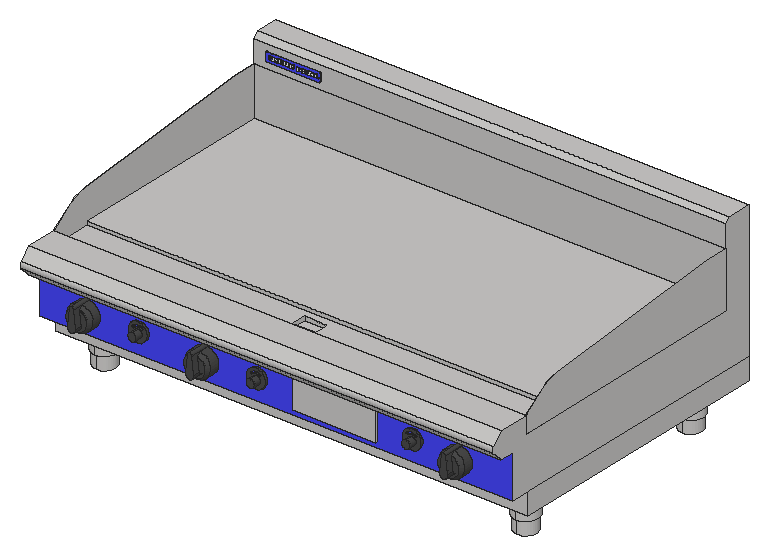
Revit family "QF_MOFFAT_BLUESEAL_CE_GP518-B", category Specialty Equipment, Revit 2012
Parameters
  Width [instance] = 1200 mm  # constant formula
  Weight in Pounds = 432  # constant formula
  URL Cutsheet = "www.moffat.com"
  URL = "www.moffat.com"
  Type Mark [instance] = ""
  Status [instance] = ""
  Specification by User [instance] = ""
  Specification by Manufacturer = ""
  Show Logo [instance] = yes
  Serial Number = ""
  Seismic Rating = ""
  SMACNA No = ""
  Revision Code [instance] = ""
  Omniclass Number and Title = ""
  NAFEM Spec ID Number = ""
  Model = "GP518-B"
  Mechanical Remarks = ""
  Mechanical Connection Type = ""
  Masterspec = ""
  Manufacturer = "MOFFAT BLUESEAL"
  Item Number [instance] = ""
  Installed By [instance] = ""
  Identify Quantity as Lot [instance] = yes
  Height [instance] = 370 mm  # constant formula
  Gas Size = 3/4"
  Gas RI Height [instance] = 0 mm
  Gas KW = 31
  Gas Input = 105700.0 Btu/h
  Gas Connection Height = 0 mm
  Furnished By [instance] = ""
  Foodservice Equipment Identifier [instance] = yes
  Description = "1200MM GAS GRIDDLE PLATE BENCH MOUNT"
  Depth [instance] = 812 mm  # constant formula
  CSI MasterFormat = ""
  CSI Master Format = ""
  Base Height [instance] = 85 mm
Reference planes
  plane 1 "BACK": y = 0
  plane 2: z = 0
  plane 3 "LEFT": x = 0
  plane 4 "RIGHT": x = 1200
  plane 5 "FRONT": y = -812
  plane 6 "TOP": z = 375
  plane 7 "Center Y": x = 600
  plane 8 "Center X": y = -406
  plane 9 "Base Height": z = 85
  plane 10: z = 485
  plane 11: y = -100
  plane 12: y = -625
  plane 13: x = 65.5
  plane 14: x = 1134.5
Forms (mm)
  Extrusion 1, solid, material "QF_Finishes_Stainless Steel"
    sketch origin (0, 0, 0) x (0, 1, 0) y (0, 0, 1)
      loop
        line (0, 140) -> (0, 485) -> (-57.5, 485) -> (-70, 472.5) -> (-70, 275) -> (-705, 275) -> (-705, 315) -> (-783.97, 315) -> (-808.485, 290.485)
        arc (-808.485, 290.485) -> (-811.999, 282) -> (-808.485, 273.515) r 12
        line (-808.485, 273.515) -> (-784.97, 250) -> (-749, 250) -> (-749, 140) -> (0, 140)
      loop
        line (0, 85) -> (0, 139) -> (-699, 139) -> (-699, 85) -> (0, 85)
    from 0 to 1200
  Revolve 2, solid, material "QF_Finishes_Stainless Steel"
    sketch origin (65.5, -210, 0) x (0, 1, 0) y (0, 0, 1)
      loop
        line (78.25, 85) -> (78.25, 35) -> (82.5, 35) -> (82.5, 0) -> (110, 0) -> (110, 85) -> (78.25, 85)
      axis (110, 85) -> (110, 0)
    angle from 0 to 360
  Revolve 3, solid, material "QF_Finishes_Black"
    sketch origin (127.606, 7, -7.199) x (0, 1, 0) y (0, 0, -1)
      loop
        line (-789, -234.5) -> (-766, -234.5) -> (-766, -207) -> (-756, -207) -> (-756, -202) -> (-800, -202) -> (-800, -228.651) -> (-789, -234.5)
      axis (-800, -202) -> (-756, -202)
    angle from 0 to 360
  Extrusion 4, solid, material "QF_Finishes_Black"
    sketch origin (-34.125, 0, -7.042) x (-1, 0, 0) y (0, 0, -1)
      loop
        line (-172.044, -191.036) -> (-166.624, -233.955)
        arc (-166.624, -233.955) -> (-161.625, -238.842) -> (-156.626, -233.955) r 5
        line (-156.626, -233.955) -> (-151.137, -189.869)
        arc (-151.137, -189.869) -> (-162.209, -179.37) -> (-172.044, -191.036) r 10.487
    from 759 to 808
  Revolve 5, solid, material "QF_Finishes_Stainless Steel"
    sketch origin (65.5, -728, 0) x (0, 1, 0) y (0, 0, 1)
      loop
        line (71.25, 85) -> (71.25, 35) -> (75.5, 35) -> (75.5, 0) -> (103, 0) -> (103, 85) -> (71.25, 85)
      axis (103, 85) -> (103, 0)
    angle from 0 to 360
  Extrusion 6, solid, material "QF_Finishes_Stainless Steel"
    sketch origin (-38, -749, 266) x (0, 0, -1) y (1, 0, 0)
      loop
        line (25.201, 683) -> (112.1, 683) -> (112.1, 893) -> (25.201, 893) -> (25.201, 683)
    from 0 to 2.5
  Extrusion 7, solid, material "QF_Finishes_Stainless Steel"
    sketch origin (-38, -751.5, 266) x (0, 0, -1) y (1, 0, 0)
      loop
        line (32.201, 893) -> (25.201, 893) -> (25.201, 683) -> (32.201, 683) -> (32.201, 893)
    from 0 to 5
  Extrusion 8, solid, material "QF_Finishes_Stainless Steel"
    sketch origin (0, -706, 134.206) x (0, 1, 0) y (-1, 0, 0)
      loop
        circle (673.862, -1069.75) r 9.525
    from -49.206 to -64.206
  Revolve 9, solid, material "QF_Finishes_Black"
    sketch origin (427.5, 7, -7.2) x (0, 1, 0) y (0, 0, -1)
      loop
        line (-789, -234.5) -> (-766, -234.5) -> (-766, -207) -> (-756, -207) -> (-756, -202) -> (-800, -202) -> (-800, -228.651) -> (-789, -234.5)
      axis (-800, -202) -> (-756, -202)
    angle from 0 to 360
  Extrusion 10, solid, material "QF_Finishes_Black"
    sketch origin (115.773, 0, -7.042) x (-1, 0, 0) y (0, 0, -1)
      loop
        line (-322.044, -191.036) -> (-316.624, -233.955)
        arc (-316.624, -233.955) -> (-311.625, -238.842) -> (-306.626, -233.955) r 5
        line (-306.626, -233.955) -> (-301.137, -189.869)
        arc (-301.137, -189.869) -> (-312.209, -179.37) -> (-322.044, -191.036) r 10.487
    from 759 to 808
  Revolve 11, solid, material "QF_Finishes_Stainless Steel"
    sketch origin (1134.5, -210, 0) x (0, 1, 0) y (0, 0, -1)
      loop
        line (78.25, -85) -> (110, -85) -> (110, 0) -> (82.5, 0) -> (82.5, -35) -> (78.25, -35) -> (78.25, -85)
      axis (110, -85) -> (110, 0)
    angle from 0 to 360
  Revolve 12, solid, material "QF_Finishes_Stainless Steel"
    sketch origin (1134.5, -728, 0) x (0, 1, 0) y (0, 0, -1)
      loop
        line (71.25, -85) -> (103, -85) -> (103, 0) -> (75.5, 0) -> (75.5, -35) -> (71.25, -35) -> (71.25, -85)
      axis (103, -85) -> (103, 0)
    angle from 0 to 360
  Revolve 13, solid, material "QF_Finishes_Black"
    sketch origin (1072.616, 7, -7.2) x (0, 1, 0) y (0, 0, -1)
      loop
        line (-789, -234.5) -> (-766, -234.5) -> (-766, -207) -> (-756, -207) -> (-756, -202) -> (-800, -202) -> (-800, -228.651) -> (-789, -234.5)
      axis (-800, -202) -> (-756, -202)
    angle from 0 to 360
  Extrusion 14, solid, material "QF_Finishes_Black"
    sketch origin (760.889, 0, -7.042) x (-1, 0, 0) y (0, 0, -1)
      loop
        line (-322.044, -191.036) -> (-316.624, -233.955)
        arc (-316.624, -233.955) -> (-311.625, -238.842) -> (-306.626, -233.955) r 5
        line (-306.626, -233.955) -> (-301.137, -189.869)
        arc (-301.137, -189.869) -> (-312.209, -179.37) -> (-322.044, -191.036) r 10.487
    from 759 to 808
  Extrusion 15, solid, material "QF_Finishes_Black"
    sketch origin (17.5, -749, 264.306) x (0, 0, -1) y (1, 0, 0)
      loop
        circle (70, 235) r 24
      loop
        arc (60.1, 249.913) -> (52.064, 235.125) -> (59.882, 220.219) r 17.868
        arc (59.882, 220.219) -> (60.362, 219.934) -> (60.877, 220.149) r 0.621
        arc (60.877, 220.149) -> (62.314, 222.708) -> (62.658, 225.622) r 7.495
        arc (62.658, 225.622) -> (62.454, 226.55) -> (62.006, 227.388) r 3.472
        arc (62.006, 227.388) -> (59.714, 234.851) -> (61.844, 242.362) r 13.786
        arc (61.844, 242.362) -> (62.484, 243.632) -> (62.749, 245.028) r 5.101
        arc (62.749, 245.028) -> (62.378, 247.547) -> (61.084, 249.739) r 6.611
        arc (61.084, 249.739) -> (60.622, 249.997) -> (60.1, 249.913) r 0.806
    from 0 to 5
  Extrusion 16, solid, material "QF_Finishes_Black"
    sketch origin (17.5, -754, 264.306) x (0, 0, -1) y (1, 0, 0)
      loop
        circle (73.5, 235) r 10
    from 0 to 18.251
  Extrusion 17, solid, material "QF_Finishes_Black"
    sketch origin (318.125, -749, 264.306) x (0, 0, -1) y (1, 0, 0)
      loop
        circle (70, 235) r 24
      loop
        arc (60.1, 249.913) -> (52.064, 235.125) -> (59.882, 220.219) r 17.868
        arc (59.882, 220.219) -> (60.362, 219.934) -> (60.877, 220.149) r 0.621
        arc (60.877, 220.149) -> (62.314, 222.708) -> (62.658, 225.622) r 7.495
        arc (62.658, 225.622) -> (62.454, 226.55) -> (62.006, 227.388) r 3.472
        arc (62.006, 227.388) -> (59.714, 234.851) -> (61.844, 242.362) r 13.786
        arc (61.844, 242.362) -> (62.484, 243.632) -> (62.749, 245.028) r 5.101
        arc (62.749, 245.028) -> (62.378, 247.547) -> (61.084, 249.739) r 6.611
        arc (61.084, 249.739) -> (60.622, 249.997) -> (60.1, 249.913) r 0.806
    from 0 to 5
  Extrusion 18, solid, material "QF_Finishes_Black"
    sketch origin (318.125, -754, 264.306) x (0, 0, -1) y (1, 0, 0)
      loop
        circle (73.5, 235) r 10
    from 0 to 18.251
  Extrusion 19, solid, material "QF_Finishes_Black"
    sketch origin (713.125, -749, 264.306) x (0, 0, -1) y (1, 0, 0)
      loop
        circle (70, 235) r 24
      loop
        arc (60.1, 249.913) -> (52.064, 235.125) -> (59.882, 220.219) r 17.868
        arc (59.882, 220.219) -> (60.362, 219.934) -> (60.877, 220.149) r 0.621
        arc (60.877, 220.149) -> (62.314, 222.708) -> (62.658, 225.622) r 7.495
        arc (62.658, 225.622) -> (62.454, 226.55) -> (62.006, 227.388) r 3.472
        arc (62.006, 227.388) -> (59.714, 234.851) -> (61.844, 242.362) r 13.786
        arc (61.844, 242.362) -> (62.484, 243.632) -> (62.749, 245.028) r 5.101
        arc (62.749, 245.028) -> (62.378, 247.547) -> (61.084, 249.739) r 6.611
        arc (61.084, 249.739) -> (60.622, 249.997) -> (60.1, 249.913) r 0.806
    from 0 to 5
  Extrusion 20, solid, material "QF_Finishes_Black"
    sketch origin (713.125, -754, 264.306) x (0, 0, -1) y (1, 0, 0)
      loop
        circle (73.5, 235) r 10
    from 0 to 18.251
Cuts and joins
  joined: Revolve 3, Extrusion 4
  joined: Extrusion 6, Extrusion 7
Lines and regions (mm)
  Split face 1
    outline origin (457, -751.5, 153.9) x (1, 0, 0) y (0, 0, 1)
      loop
        arc (286, 77) -> (282, 73) -> (286, 69) r 4
        line (286, 69) -> (300, 69)
        arc (300, 69) -> (304, 73) -> (300, 77) r 4
        line (300, 77) -> (286, 77)
  Split face 2
    outline origin (0, 133.343, 485) x (0, -1, 0) y (1, 0, 0)
      loop
        arc (178.728, 276) -> (173.728, 284.66) -> (163.728, 284.66) r 10
        line (163.728, 284.66) -> (156.728, 280.619)
        arc (156.728, 280.619) -> (153.068, 276.959) -> (151.728, 271.959) r 10
        line (151.728, 271.959) -> (151.728, 44)
        arc (151.728, 44) -> (156.728, 35.34) -> (166.728, 35.34) r 10
        line (166.728, 35.34) -> (173.728, 39.381)
        arc (173.728, 39.381) -> (177.389, 43.041) -> (178.728, 48.041) r 10
        line (178.728, 48.041) -> (178.728, 276)
  Split face 3
    outline origin (0, 133.343, 485) x (0, -1, 0) y (1, 0, 0)
      loop
        arc (178.728, 568.021) -> (173.728, 576.681) -> (163.728, 576.681) r 10
        line (163.728, 576.681) -> (156.728, 572.64)
        arc (156.728, 572.64) -> (153.068, 568.979) -> (151.728, 563.979) r 10
        line (151.728, 563.979) -> (151.728, 336.021)
        arc (151.728, 336.021) -> (156.728, 327.36) -> (166.728, 327.36) r 10
        line (166.728, 327.36) -> (173.728, 331.402)
        arc (173.728, 331.402) -> (177.389, 335.062) -> (178.728, 340.062) r 10
        line (178.728, 340.062) -> (178.728, 568.021)
  Split face 4
    outline origin (0, 133.343, 485) x (0, -1, 0) y (1, 0, 0)
      loop
        arc (178.728, 866.044) -> (173.728, 874.705) -> (163.728, 874.705) r 10
        line (163.728, 874.705) -> (156.728, 870.663)
        arc (156.728, 870.663) -> (153.068, 867.003) -> (151.728, 862.003) r 10
        line (151.728, 862.003) -> (151.728, 634.044)
        arc (151.728, 634.044) -> (156.728, 625.384) -> (166.728, 625.384) r 10
        line (166.728, 625.384) -> (173.728, 629.426)
        arc (173.728, 629.426) -> (177.389, 633.086) -> (178.728, 638.086) r 10
        line (178.728, 638.086) -> (178.728, 866.044)
  Split face 5
    outline origin (0, 133.343, 485) x (0, -1, 0) y (1, 0, 0)
      loop
        arc (178.728, 1164.794) -> (173.728, 1173.455) -> (163.728, 1173.455) r 10
        line (163.728, 1173.455) -> (156.728, 1169.413)
        arc (156.728, 1169.413) -> (153.068, 1165.753) -> (151.728, 1160.753) r 10
        line (151.728, 1160.753) -> (151.728, 932.794)
        arc (151.728, 932.794) -> (156.728, 924.134) -> (166.728, 924.134) r 10
        line (166.728, 924.134) -> (173.728, 928.176)
        arc (173.728, 928.176) -> (177.389, 931.836) -> (178.728, 936.836) r 10
        line (178.728, 936.836) -> (178.728, 1164.794)
  symbolic lines
    curve 1: line (0, -812, 0) -> (1200, -812, 0)
    curve 2: line (0, 0, 0) -> (0, -812, 0)
    curve 3: line (1200, 0, 0) -> (0, 0, 0)
    curve 4: line (0, -70, 0) -> (1200, -70, 0)
    curve 5: line (1200, -712, 0) -> (0, -712, 0)
    curve 6: line (1200, -812, 0) -> (1200, 0, 0)
    curve 7: line (0, -57.5, 0) -> (1200, -57.5, 0)
    curve 8: line (276, -45.385, 0) -> (48.041, -45.385, 0)
    curve 9: arc (48.041, -45.385, 0) -> (43.041, -44.045, 0) -> (39.381, -40.385, 0) r 10
    curve 10: line (39.381, -40.385, 0) -> (35.34, -33.385, 0)
    curve 11: arc (35.34, -33.385, 0) -> (35.34, -23.385, 0) -> (44, -18.385, 0) r 10
    curve 12: line (44, -18.385, 0) -> (271.959, -18.385, 0)
    curve 13: arc (271.959, -18.385, 0) -> (276.959, -19.725, 0) -> (280.619, -23.385, 0) r 10
    curve 14: line (280.619, -23.385, 0) -> (284.66, -30.385, 0)
    curve 15: arc (284.66, -30.385, 0) -> (284.66, -40.385, 0) -> (276, -45.385, 0) r 10
    curve 16: line (568.021, -45.385, 0) -> (340.062, -45.385, 0)
    curve 17: arc (340.062, -45.385, 0) -> (335.062, -44.045, 0) -> (331.402, -40.385, 0) r 10
    curve 18: line (331.402, -40.385, 0) -> (327.36, -33.385, 0)
    curve 19: arc (327.36, -33.385, 0) -> (327.36, -23.385, 0) -> (336.021, -18.385, 0) r 10
    curve 20: line (336.021, -18.385, 0) -> (563.979, -18.385, 0)
    curve 21: arc (563.979, -18.385, 0) -> (568.979, -19.725, 0) -> (572.64, -23.385, 0) r 10
    curve 22: line (572.64, -23.385, 0) -> (576.681, -30.385, 0)
    curve 23: arc (576.681, -30.385, 0) -> (576.681, -40.385, 0) -> (568.021, -45.385, 0) r 10
    curve 24: line (866, -45.385, 0) -> (638.041, -45.385, 0)
    curve 25: arc (638.041, -45.385, 0) -> (633.041, -44.045, 0) -> (629.381, -40.385, 0) r 10
    curve 26: line (629.381, -40.385, 0) -> (625.34, -33.385, 0)
    curve 27: arc (625.34, -33.385, 0) -> (625.34, -23.385, 0) -> (634, -18.385, 0) r 10
    curve 28: line (634, -18.385, 0) -> (861.959, -18.385, 0)
    curve 29: arc (861.959, -18.385, 0) -> (866.959, -19.725, 0) -> (870.619, -23.385, 0) r 10
    curve 30: line (870.619, -23.385, 0) -> (874.66, -30.385, 0)
    curve 31: arc (874.66, -30.385, 0) -> (874.66, -40.385, 0) -> (866, -45.385, 0) r 10
    curve 32: line (0, -783.97, 0) -> (1200, -783.97, 0)
    curve 33: line (934, -18.385, 0) -> (1161.959, -18.385, 0)
    curve 34: arc (1161.959, -18.385, 0) -> (1166.959, -19.725, 0) -> (1170.619, -23.385, 0) r 10
    curve 35: line (1170.619, -23.385, 0) -> (1174.66, -30.385, 0)
    curve 36: arc (1174.66, -30.385, 0) -> (1174.66, -40.385, 0) -> (1166, -45.385, 0) r 10
    curve 37: line (1166, -45.385, 0) -> (938.041, -45.385, 0)
    curve 38: arc (938.041, -45.385, 0) -> (933.041, -44.045, 0) -> (929.381, -40.385, 0) r 10
    curve 39: line (929.381, -40.385, 0) -> (925.34, -33.385, 0)
    curve 40: arc (925.34, -33.385, 0) -> (925.34, -23.385, 0) -> (934, -18.385, 0) r 10
Dimensions and locks
  equal spacing: plane 3 "LEFT", plane 7 "Center Y", plane 4 "RIGHT"
  "Width": plane 3 "LEFT" to plane 4 "RIGHT"
  equal spacing: plane 5 "FRONT", plane 8 "Center X", plane 1 "BACK"
  "Depth": plane 5 "FRONT" to plane 1 "BACK"
  "Base Height": plane 9 "Base Height" to level
  locked: plane 6 "TOP" to plane 9 "Base Height" at 290
  plane 6 "TOP" to level = 375 mm
  plane 10 to plane 2 = 485 mm  (x2)
  plane 10 to level = 485 mm
  Extrusion 8 sketch curve to plane 4 "RIGHT" = 130.25 mm
  aligned and locked: level to plane 2
  aligned and locked: Revolve 2 sketch curve to plane 9 "Base Height"
Automatic sketch dimensions
  curve 1 to plane 3 "LEFT" = 0 mm
  curve 1 to plane 4 "RIGHT" = 0 mm
  plane 5 "FRONT" to curve 1 = 0 mm
  plane 1 "BACK" to curve 3 = 0 mm
  curve 10 to plane 13 = 30.16 mm
  curve 10 to curve 10 = 4.041 mm
  curve 10 to curve 12 = 8.66 mm
  curve 11 to curve 9 = 4.041 mm
  plane 1 "BACK" to curve 13 = 28.385 mm
  plane 13 to curve 13 = 206.459 mm
  curve 13 to curve 8 = 4.041 mm
  curve 13 to curve 13 = 8.66 mm
  plane 1 "BACK" to curve 14 = 30.385 mm
  curve 13 to curve 14 = 4.041 mm
  curve 15 to curve 19 = 42.7 mm
  plane 1 "BACK" to curve 18 = 40.385 mm
  curve 18 to curve 18 = 4.041 mm
  curve 18 to curve 19 = 8.66 mm
  curve 19 to curve 17 = 4.041 mm
  plane 1 "BACK" to curve 21 = 18.385 mm
  curve 21 to plane 7 "Center Y" = 36.021 mm
  curve 21 to curve 23 = 4.041 mm  (x2)
  plane 1 "BACK" to curve 22 = 23.385 mm
  curve 21 to curve 22 = 8.66 mm
  plane 7 "Center Y" to curve 27 = 25.34 mm
  curve 26 to curve 26 = 4.041 mm
  curve 27 to curve 27 = 8.66 mm
  curve 25 to curve 24 = 8.66 mm
  plane 1 "BACK" to curve 29 = 28.385 mm
  curve 25 to curve 29 = 223.917 mm
  curve 29 to curve 24 = 4.041 mm
  plane 1 "BACK" to curve 30 = 23.385 mm
  curve 29 to curve 30 = 8.66 mm
  plane 1 "BACK" to curve 30 = 30.385 mm
  curve 30 to curve 30 = 4.041 mm
  plane 1 "BACK" to curve 39 = 33.385 mm
  curve 30 to curve 39 = 50.679 mm
  plane 1 "BACK" to curve 39 = 40.385 mm
  curve 40 to curve 39 = 4.041 mm
  curve 39 to curve 40 = 8.66 mm
  curve 40 to curve 38 = 4.041 mm
  curve 34 to plane 14 = 27.459 mm
  curve 34 to curve 37 = 4.041 mm
  plane 1 "BACK" to curve 35 = 23.385 mm
  curve 33 to curve 35 = 8.66 mm
  curve 34 to curve 35 = 4.041 mm
  curve 32 to plane 5 "FRONT" = 28.03 mm
  curve 32 to curve 5 = 71.97 mm
  plane 11 to curve 4 = 30 mm
  curve 4 to curve 7 = 12.5 mm
  curve 16 to curve 21 = 17 mm
  curve 31 to curve 30 = 15 mm
  curve 8 to curve 15 = 15 mm
  curve 37 to curve 34 = 22 mm
  curve 24 to curve 25 = 5 mm
  curve 8 to curve 10 = 5 mm
  curve 23 to curve 21 = 7 mm
  curve 37 to curve 36 = 10 mm
  curve 26 to curve 26 = 7 mm
  curve 9 to curve 10 = 7 mm
  curve 17 to curve 18 = 7 mm
  curve 9 to curve 11 = 7 mm
  curve 38 to curve 40 = 7 mm
  Extrusion 1 sketch curve to plane 9 "Base Height" = 0 mm
  Extrusion 1 sketch curve to plane 10 = 0 mm
  Extrusion 1 sketch curve to plane 1 "BACK" = 0 mm  (x2)
  plane 11 to Extrusion 1 sketch curve = 42.5 mm
  Extrusion 1 sketch curve to Extrusion 1 sketch curve = 12.5 mm
  Extrusion 1 sketch curve to plane 12 = 74 mm
  Extrusion 1 sketch curve to plane 12 = 80 mm
  Extrusion 1 sketch curve to Extrusion 1 sketch curve = 50 mm
  Extrusion 1 sketch curve to plane 5 "FRONT" = 28.03 mm
  Extrusion 1 sketch curve to plane 5 "FRONT" = 27.03 mm
  Extrusion 1 sketch curve to plane 5 "FRONT" = 12.001 mm
  Extrusion 1 sketch curve to plane 5 "FRONT" = 3.515 mm  (x2)
  plane 9 "Base Height" to Extrusion 1 sketch curve = 54 mm
  Extrusion 1 sketch curve to Extrusion 1 sketch curve = 1 mm
  Extrusion 1 sketch curve to Extrusion 1 sketch curve = 110 mm
  Extrusion 1 sketch curve to Extrusion 1 sketch curve = 23.515 mm
  Extrusion 1 sketch curve to plane 6 "TOP" = 100 mm
  Extrusion 1 sketch curve to Extrusion 1 sketch curve = 8.485 mm
  Extrusion 1 sketch curve to Extrusion 1 sketch curve = 40 mm
  Extrusion 1 sketch curve to plane 10 = 12.5 mm
  Revolve 2 sketch curve to level = 0 mm
  Revolve 2 sketch curve to plane 11 = 0 mm  (x2)
  Revolve 2 sketch curve to Revolve 2 sketch curve = 27.5 mm
  Revolve 2 sketch curve to Revolve 2 sketch curve = 31.75 mm
  Revolve 2 sketch curve to Revolve 2 sketch curve = 55 mm
  level to Revolve 2 sketch curve = 35 mm
  Revolve 2 sketch curve to plane 9 "Base Height" = 30 mm
  Revolve 3 sketch curve to plane 5 "FRONT" = 19 mm
  Revolve 3 sketch curve to Revolve 3 sketch curve = 0 mm  (x2)
  Revolve 3 sketch curve to Revolve 3 sketch curve = 11 mm
  Revolve 3 sketch curve to Revolve 3 sketch curve = 12.7 mm
  Revolve 3 sketch curve to Revolve 3 sketch curve = 23 mm
  Revolve 3 sketch curve to Revolve 3 sketch curve = 10 mm
  plane 9 "Base Height" to Revolve 3 sketch curve = 142.301 mm
  Revolve 3 sketch curve to Revolve 3 sketch curve = 5.849 mm
  Revolve 3 sketch curve to Revolve 3 sketch curve = 27.5 mm
  Revolve 3 sketch curve to Revolve 3 sketch curve = 5 mm
  plane 13 to Extrusion 4 sketch curve = 72.419 mm
  Extrusion 4 sketch curve to Extrusion 4 sketch curve = 5.421 mm
  Extrusion 4 sketch curve to Extrusion 4 sketch curve = 10.419 mm
  Extrusion 4 sketch curve to Extrusion 4 sketch curve = 4.999 mm  (x2)
  Extrusion 4 sketch curve to Extrusion 4 sketch curve = 10.487 mm
  plane 9 "Base Height" to Extrusion 4 sketch curve = 141.913 mm
  Extrusion 4 sketch curve to Extrusion 4 sketch curve = 0.113 mm
  Extrusion 4 sketch curve to Extrusion 4 sketch curve = 42.919 mm
  Extrusion 4 sketch curve to Extrusion 4 sketch curve = 1.167 mm
  Revolve 5 sketch curve to plane 9 "Base Height" = 0 mm
  Revolve 5 sketch curve to level = 0 mm
  Revolve 5 sketch curve to plane 12 = 0 mm  (x2)
  Revolve 5 sketch curve to Revolve 5 sketch curve = 27.5 mm
  Revolve 5 sketch curve to Revolve 5 sketch curve = 31.75 mm
  Revolve 5 sketch curve to Revolve 5 sketch curve = 55 mm
  level to Revolve 5 sketch curve = 35 mm
  Revolve 5 sketch curve to Revolve 5 sketch curve = 30 mm
  Extrusion 6 sketch curve to plane 6 "TOP" = 134.201 mm
  plane 9 "Base Height" to Extrusion 6 sketch curve = 68.9 mm
  plane 7 "Center Y" to Extrusion 6 sketch curve = 45 mm
  Extrusion 6 sketch curve to Extrusion 6 sketch curve = 210 mm
  Extrusion 7 sketch curve to Extrusion 6 = 0 mm  (x2)
  Extrusion 6 to Extrusion 7 sketch curve = 0 mm
  Extrusion 7 sketch curve to Extrusion 7 sketch curve = 7 mm
  plane 1 "BACK" to Extrusion 8 sketch curve = 32.138 mm
  cut or joined group of Extrusion 6, Extrusion 7 to Split face 1 sketch curve = 6.899 mm
  Split face 1 sketch curve to cut or joined group of Extrusion 6, Extrusion 7 = 98 mm
  Split face 1 sketch curve to Split face 1 sketch curve = 14 mm
  Split face 1 sketch curve to Split face 1 sketch curve = 4 mm
  Revolve 9 sketch curve to plane 5 "FRONT" = 19 mm
  Revolve 9 sketch curve to Revolve 9 sketch curve = 0 mm  (x2)
  Revolve 9 sketch curve to Revolve 9 sketch curve = 11 mm
  Revolve 9 sketch curve to Revolve 9 sketch curve = 12.7 mm
  Revolve 9 sketch curve to Revolve 9 sketch curve = 23 mm
  Revolve 9 sketch curve to Revolve 9 sketch curve = 10 mm
  plane 9 "Base Height" to Revolve 9 sketch curve = 142.3 mm
  Revolve 9 sketch curve to Revolve 9 sketch curve = 5.849 mm
  Revolve 9 sketch curve to Revolve 9 sketch curve = 27.5 mm
  Revolve 9 sketch curve to Revolve 9 sketch curve = 5 mm
  Extrusion 10 sketch curve to plane 7 "Center Y" = 162.183 mm
  Extrusion 10 sketch curve to Extrusion 10 sketch curve = 5.421 mm
  Extrusion 10 sketch curve to Extrusion 10 sketch curve = 10.419 mm
  Extrusion 10 sketch curve to Extrusion 10 sketch curve = 4.999 mm  (x2)
  plane 9 "Base Height" to Extrusion 10 sketch curve = 141.913 mm
  Extrusion 10 sketch curve to Extrusion 10 sketch curve = 10.487 mm
  Extrusion 10 sketch curve to Extrusion 10 sketch curve = 0.113 mm
  Extrusion 10 sketch curve to Extrusion 10 sketch curve = 42.919 mm
  Extrusion 10 sketch curve to Extrusion 10 sketch curve = 1.167 mm
  Revolve 11 sketch curve to plane 9 "Base Height" = 0 mm
  Revolve 11 sketch curve to level = 0 mm
  Revolve 11 sketch curve to plane 11 = 0 mm  (x2)
  Revolve 11 sketch curve to Revolve 11 sketch curve = 27.5 mm
  Revolve 11 sketch curve to Revolve 11 sketch curve = 31.75 mm
  Revolve 11 sketch curve to plane 9 "Base Height" = 30 mm
  Revolve 11 sketch curve to Revolve 11 sketch curve = 20 mm
  Revolve 11 sketch curve to level = 55 mm
  Revolve 12 sketch curve to plane 9 "Base Height" = 0 mm
  Revolve 12 sketch curve to level = 0 mm
  Revolve 12 sketch curve to plane 12 = 0 mm  (x2)
  Revolve 12 sketch curve to Revolve 12 sketch curve = 27.5 mm
  Revolve 12 sketch curve to Revolve 12 sketch curve = 31.75 mm
  Revolve 12 sketch curve to Revolve 12 sketch curve = 30 mm
  Revolve 12 sketch curve to Revolve 12 sketch curve = 20 mm
  Revolve 12 sketch curve to level = 55 mm
  Revolve 13 sketch curve to plane 5 "FRONT" = 19 mm
  Revolve 13 sketch curve to Revolve 13 sketch curve = 0 mm  (x2)
  Revolve 13 sketch curve to Revolve 13 sketch curve = 11 mm
  Revolve 13 sketch curve to Revolve 13 sketch curve = 12.7 mm
  Revolve 13 sketch curve to Revolve 13 sketch curve = 23 mm
  Revolve 13 sketch curve to Revolve 13 sketch curve = 10 mm
  plane 9 "Base Height" to Revolve 13 sketch curve = 142.3 mm
  Revolve 13 sketch curve to Revolve 13 sketch curve = 5.849 mm
  Revolve 13 sketch curve to Revolve 13 sketch curve = 27.5 mm
  Revolve 13 sketch curve to Revolve 13 sketch curve = 5 mm
  plane 14 to Extrusion 14 sketch curve = 51.567 mm
  Extrusion 14 sketch curve to Extrusion 14 sketch curve = 5.421 mm
  Extrusion 14 sketch curve to Extrusion 14 sketch curve = 10.419 mm
  Extrusion 14 sketch curve to Extrusion 14 sketch curve = 4.999 mm  (x2)
  Extrusion 14 sketch curve to Extrusion 14 sketch curve = 10.487 mm
  plane 9 "Base Height" to Extrusion 14 sketch curve = 141.913 mm
  Extrusion 14 sketch curve to Extrusion 14 sketch curve = 0.113 mm
  Extrusion 14 sketch curve to Extrusion 14 sketch curve = 42.919 mm
  Extrusion 14 sketch curve to Extrusion 14 sketch curve = 1.167 mm
  plane 9 "Base Height" to Extrusion 15 sketch curve = 124.119 mm
  Extrusion 15 sketch curve to Extrusion 15 sketch curve = 0.958 mm
  Extrusion 15 sketch curve to Extrusion 15 sketch curve = 1.509 mm
  Extrusion 15 sketch curve to Extrusion 15 sketch curve = 4.01 mm
  Extrusion 15 sketch curve to Extrusion 15 sketch curve = 0.685 mm
  Extrusion 15 sketch curve to Extrusion 15 sketch curve = 2.447 mm
  Extrusion 15 sketch curve to Extrusion 15 sketch curve = 0.524 mm
  Extrusion 15 sketch curve to Extrusion 15 sketch curve = 0.381 mm
  Extrusion 15 sketch curve to Extrusion 15 sketch curve = 0.472 mm
  Extrusion 15 sketch curve to Extrusion 15 sketch curve = 0 mm  (x5)
  Extrusion 15 sketch curve to Extrusion 15 sketch curve = 0.602 mm
  Extrusion 15 sketch curve to Extrusion 15 sketch curve = 4.19 mm
  Extrusion 15 sketch curve to Extrusion 15 sketch curve = 2.809 mm
  Extrusion 15 sketch curve to Extrusion 15 sketch curve = 0.652 mm
  Extrusion 15 sketch curve to Extrusion 15 sketch curve = 0.905 mm
  Extrusion 15 sketch curve to Extrusion 15 sketch curve = 8.087 mm
  Extrusion 15 sketch curve to Extrusion 15 sketch curve = 0.069 mm
  Extrusion 15 sketch curve to Extrusion 15 sketch curve = 3.5 mm
  plane 13 to Extrusion 15 sketch curve = 172.149 mm
  Extrusion 15 sketch curve to Extrusion 15 sketch curve = 0.07 mm
  Extrusion 15 sketch curve to Extrusion 15 sketch curve = 7.606 mm
  Extrusion 15 sketch curve to Extrusion 15 sketch curve = 0.007 mm
  Extrusion 17 sketch curve to plane 7 "Center Y" = 56.848 mm
  plane 9 "Base Height" to Extrusion 17 sketch curve = 124.119 mm
  Extrusion 17 sketch curve to Extrusion 17 sketch curve = 0.958 mm
  Extrusion 17 sketch curve to Extrusion 17 sketch curve = 1.509 mm
  Extrusion 17 sketch curve to Extrusion 17 sketch curve = 4.01 mm
  Extrusion 17 sketch curve to Extrusion 17 sketch curve = 0.685 mm
  Extrusion 17 sketch curve to Extrusion 17 sketch curve = 2.447 mm
  Extrusion 17 sketch curve to Extrusion 17 sketch curve = 0.524 mm
  Extrusion 17 sketch curve to Extrusion 17 sketch curve = 0.381 mm
  Extrusion 17 sketch curve to Extrusion 17 sketch curve = 0.472 mm
  Extrusion 17 sketch curve to Extrusion 17 sketch curve = 0 mm  (x5)
  Extrusion 17 sketch curve to Extrusion 17 sketch curve = 0.602 mm
  Extrusion 17 sketch curve to Extrusion 17 sketch curve = 4.19 mm
  Extrusion 17 sketch curve to Extrusion 17 sketch curve = 2.809 mm
  Extrusion 17 sketch curve to Extrusion 17 sketch curve = 0.652 mm
  Extrusion 17 sketch curve to Extrusion 17 sketch curve = 0.905 mm
  Extrusion 17 sketch curve to Extrusion 17 sketch curve = 8.087 mm
  Extrusion 17 sketch curve to Extrusion 17 sketch curve = 0.069 mm
  Extrusion 17 sketch curve to Extrusion 17 sketch curve = 3.5 mm
  Extrusion 17 sketch curve to Extrusion 17 sketch curve = 4.473 mm
  Extrusion 17 sketch curve to Extrusion 17 sketch curve = 7.606 mm
  Extrusion 17 sketch curve to Extrusion 17 sketch curve = 0.007 mm
  plane 9 "Base Height" to Extrusion 19 sketch curve = 124.119 mm
  Extrusion 19 sketch curve to Extrusion 19 sketch curve = 0.958 mm
  Extrusion 19 sketch curve to Extrusion 19 sketch curve = 1.509 mm
  Extrusion 19 sketch curve to Extrusion 19 sketch curve = 4.01 mm
  Extrusion 19 sketch curve to Extrusion 19 sketch curve = 0.685 mm
  Extrusion 19 sketch curve to Extrusion 19 sketch curve = 2.447 mm
  Extrusion 19 sketch curve to Extrusion 19 sketch curve = 0.524 mm
  Extrusion 19 sketch curve to Extrusion 19 sketch curve = 0.381 mm
  Extrusion 19 sketch curve to Extrusion 19 sketch curve = 0.472 mm
  Extrusion 19 sketch curve to Extrusion 19 sketch curve = 0 mm  (x5)
  Extrusion 19 sketch curve to Extrusion 19 sketch curve = 0.602 mm
  Extrusion 19 sketch curve to Extrusion 19 sketch curve = 4.19 mm
  Extrusion 19 sketch curve to Extrusion 19 sketch curve = 2.809 mm
  Extrusion 19 sketch curve to Extrusion 19 sketch curve = 0.652 mm
  Extrusion 19 sketch curve to Extrusion 19 sketch curve = 0.905 mm
  Extrusion 19 sketch curve to Extrusion 19 sketch curve = 8.087 mm
  Extrusion 19 sketch curve to Extrusion 19 sketch curve = 0.069 mm
  Extrusion 19 sketch curve to Extrusion 19 sketch curve = 3.5 mm
  plane 14 to Extrusion 19 sketch curve = 201.226 mm
  Extrusion 19 sketch curve to Extrusion 19 sketch curve = 0.07 mm
  Extrusion 19 sketch curve to Extrusion 19 sketch curve = 7.606 mm
  Extrusion 19 sketch curve to Extrusion 19 sketch curve = 0.007 mm
  Split face 2 sketch curve to Extrusion 1 = 18.385 mm
  Split face 2 sketch curve to Split face 2 sketch curve = 5 mm  (x2)
  Split face 2 sketch curve to Split face 2 sketch curve = 10 mm  (x3)
  Split face 2 sketch curve to Split face 2 sketch curve = 7 mm  (x4)
  Split face 2 sketch curve to Extrusion 1 = 1164.66 mm
  Split face 2 sketch curve to Split face 2 sketch curve = 4.041 mm  (x2)
  Split face 2 sketch curve to Split face 2 sketch curve = 223.917 mm
  Split face 3 sketch curve to Extrusion 1 = 18.385 mm
  Split face 3 sketch curve to Split face 3 sketch curve = 5 mm  (x2)
  Split face 3 sketch curve to Split face 3 sketch curve = 10 mm  (x3)
  Split face 3 sketch curve to Split face 3 sketch curve = 7 mm  (x4)
  Split face 3 sketch curve to Extrusion 1 = 872.64 mm
  Split face 3 sketch curve to Split face 3 sketch curve = 4.041 mm  (x2)
  Split face 3 sketch curve to Split face 3 sketch curve = 223.917 mm
  Split face 4 sketch curve to Extrusion 1 = 18.385 mm
  Split face 4 sketch curve to Split face 4 sketch curve = 5 mm  (x3)
  Split face 4 sketch curve to Split face 4 sketch curve = 10 mm  (x2)
  Split face 4 sketch curve to Split face 4 sketch curve = 7 mm  (x4)
  Split face 4 sketch curve to Extrusion 1 = 574.616 mm
  Split face 4 sketch curve to Split face 4 sketch curve = 4.041 mm  (x2)
  Split face 4 sketch curve to Split face 4 sketch curve = 223.917 mm
  Split face 5 sketch curve to Extrusion 1 = 18.385 mm
  Split face 5 sketch curve to Split face 5 sketch curve = 5 mm  (x3)
  Split face 5 sketch curve to Split face 5 sketch curve = 10 mm  (x2)
  Split face 5 sketch curve to Split face 5 sketch curve = 7 mm  (x4)
  Split face 5 sketch curve to Extrusion 1 = 275.866 mm
  Split face 5 sketch curve to Split face 5 sketch curve = 4.041 mm  (x2)
  Split face 5 sketch curve to Split face 5 sketch curve = 223.917 mm
  radius of Extrusion 8 sketch curve = 9.525 mm
  radius of Extrusion 15 sketch curve = 24 mm
  radius of Extrusion 16 sketch curve to Extrusion 15 = 3.786 mm
  radius of Extrusion 17 sketch curve = 24 mm
  radius of Extrusion 18 sketch curve to Extrusion 17 = 3.786 mm
  radius of Extrusion 19 sketch curve = 24 mm
  radius of Extrusion 20 sketch curve to Extrusion 19 = 3.786 mm
Nested families
  nested 1: "WALDORF LOGO_FACE BASE" at (32, -70, 456.885) x (1, 0, 0) z (0, -1, 0), visible <- "Show Logo", type "WALDORF LOGO_FACE BASE", detail levels medium+fine
    with Show Logo yes
  nested 2: "GAS GRIDDLE 1200" at (0, -70, 274.5), type "GAS GRIDDLE 1200"
    with Width 1200 mm, Type Mark "", Status "", Specification by User "", Show Clearance yes, Revision Code "", Number of Poles 1, Mechanical Remarks "", Mechanical Connection Type "", Item Number "", Installed By "", Identify Quantity as Lot yes, Gas RI Height 0 mm, Gas KW 0, Gas Input 0.0 Btu/h, Furnished By "", Foodservice Equipment Identifier yes, Electrical Remarks "", Electric Connection Type "", Elec Conn RI Height 0 mm, Elec Conn Connection Height 0 mm, Depth 635 mm
Connectors
  piping at (1069.75, -32.138, 70)
    settings: on Extrusion 8, index 1, connector radius 0.37402", flow factor 0, pipe flow 0 GPM, pressure drop 0.00 psi, fitting loss kfactor 0, connector angle 0.00°, fixture units 0, engagement length 0 mm, flow configuration 1, flow direction 1, fitting loss method 0, system type 7, joint type 0, gender type 0, connector reference index -1, connector utility 0, adjustable connector no, is connector primary yes, fitting loss table "", connector description "GAS CONNECTION"
Definition of nested family "WALDORF LOGO_FACE BASE"
  Parameters (values of type "WALDORF LOGO_FACE BASE")
    Show Logo [instance] = yes
    Default Elevation = 1219.2 mm
  Reference planes
    plane 1 "Center (Front/Back)": y = 0
    plane 2: z = 0
    plane 3 "Center (Left/Right)": x = 0
  Forms (mm)
    Extrusion 1, solid
      sketch origin (0, 0, 0) x (1, 0, 0) y (0, 1, 0)
        loop
          line (-1219.2, 1219.2) -> (-1219.2, -1219.2) -> (1219.2, -1219.2) -> (1219.2, 1219.2) -> (-1219.2, 1219.2)
      from 0 to -304.8
    Extrusion 2, solid, material "QF_Finishes_Blue", visible <- "Show Logo"
      sketch origin (0, -33.217, 0) x (1, 0, 0) y (0, 1, 0)
        loop
          arc (138, 31.942) -> (137.626, 32.844) -> (136.724, 33.217) r 1.276
          line (136.724, 33.217) -> (1.29, 33.217)
          arc (1.29, 33.217) -> (0.378, 32.839) -> (0, 31.927) r 1.29
          line (0, 31.927) -> (0, 11.507)
          arc (0, 11.507) -> (0.378, 10.595) -> (1.29, 10.217) r 1.29
          line (1.29, 10.217) -> (136.71, 10.217)
          arc (136.71, 10.217) -> (137.622, 10.595) -> (138, 11.507) r 1.29
          line (138, 11.507) -> (138, 31.942)
      from 0 to 1.588
    Extrusion 3, solid, material "QF_Finishes_White", visible <- "Show Logo"
      sketch origin (0, -33.217, 1.588) x (1, 0, 0) y (0, 1, 0)
        loop
          arc (108.946, 25.919) -> (107.613, 25.367) -> (107.061, 24.034) r 1.885
          line (107.061, 24.034) -> (107.061, 17.211) -> (112.704, 17.211) -> (112.704, 19.129) -> (115.546, 19.129) -> (115.546, 17.211) -> (121.584, 17.211) -> (121.584, 24.075)
          arc (121.584, 24.075) -> (121.043, 25.379) -> (119.739, 25.919) r 1.845
          line (119.739, 25.919) -> (108.946, 25.919)
        loop
          line (123.478, 25.919) -> (123.478, 17.163) -> (134.904, 17.163) -> (134.904, 19.129) -> (129.246, 19.129) -> (129.246, 25.919) -> (123.478, 25.919)
        loop
          line (112.704, 21.258) -> (115.546, 21.258) -> (115.546, 22.702)
          arc (115.546, 22.702) -> (115.344, 23.188) -> (114.858, 23.389) r 0.687
          line (114.858, 23.389) -> (113.363, 23.389)
          arc (113.363, 23.389) -> (112.897, 23.196) -> (112.704, 22.73) r 0.658
          line (112.704, 22.73) -> (112.704, 21.258)
        loop
          line (105.071, 25.919) -> (93.771, 25.919) -> (93.771, 17.163) -> (105.071, 17.163) -> (105.071, 19.063) -> (99.535, 19.063) -> (99.535, 20.437) -> (105.071, 20.437) -> (105.071, 22.278) -> (99.535, 22.278) -> (99.535, 23.587) -> (105.071, 23.587) -> (105.071, 25.919)
        loop
          line (91.104, 25.919) -> (79.541, 25.919)
          arc (79.541, 25.919) -> (78.558, 25.513) -> (78.152, 24.53) r 1.389
          line (78.152, 24.53) -> (78.152, 22.08)
          arc (78.152, 22.08) -> (78.558, 21.098) -> (79.541, 20.691) r 1.389
          line (79.541, 20.691) -> (86.346, 20.691) -> (86.346, 18.864) -> (83.266, 18.864) -> (83.266, 19.664) -> (78.152, 19.664) -> (78.152, 18.553)
          arc (78.152, 18.553) -> (78.558, 17.57) -> (79.541, 17.163) r 1.389
          line (79.541, 17.163) -> (91.063, 17.163)
          arc (91.063, 17.163) -> (92.045, 17.57) -> (92.452, 18.553) r 1.389
          line (92.452, 18.553) -> (92.452, 20.691)
          arc (92.452, 20.691) -> (92.045, 21.673) -> (91.063, 22.08) r 1.389
          line (91.063, 22.08) -> (83.266, 22.08) -> (83.266, 23.984) -> (86.346, 23.984) -> (86.346, 22.743) -> (92.452, 22.743) -> (92.452, 24.571)
          arc (92.452, 24.571) -> (92.057, 25.524) -> (91.104, 25.919) r 1.348
        loop
          line (70.705, 25.919) -> (59.405, 25.919) -> (59.405, 17.163) -> (70.705, 17.163) -> (70.705, 19.063) -> (65.169, 19.063) -> (65.169, 20.437) -> (70.705, 20.437) -> (70.705, 22.278) -> (65.169, 22.278) -> (65.169, 23.587) -> (70.705, 23.587) -> (70.705, 25.919)
        loop
          line (57.598, 25.919) -> (51.7, 25.919) -> (51.7, 20.18)
          arc (51.7, 20.18) -> (50.63, 19.11) -> (49.56, 20.18) r 1.07
          line (49.56, 20.18) -> (49.56, 25.919) -> (43.663, 25.919) -> (43.663, 19.049)
          arc (43.663, 19.049) -> (44.215, 17.716) -> (45.548, 17.163) r 1.885
          line (45.548, 17.163) -> (55.71, 17.163)
          arc (55.71, 17.163) -> (57.045, 17.716) -> (57.598, 19.051) r 1.887
          line (57.598, 19.051) -> (57.598, 25.919)
        loop
          line (31.62, 25.919) -> (31.62, 17.163) -> (43.046, 17.163) -> (43.046, 19.129) -> (37.388, 19.129) -> (37.388, 25.919) -> (31.62, 25.919)
        loop
          line (15.969, 25.919) -> (15.969, 17.163) -> (28.693, 17.163)
          arc (28.693, 17.163) -> (29.812, 17.627) -> (30.276, 18.746) r 1.582
          line (30.276, 18.746) -> (30.276, 20.447) -> (29.48, 21.243) -> (30.276, 22.039) -> (30.276, 24.332)
          arc (30.276, 24.332) -> (29.811, 25.454) -> (28.688, 25.919) r 1.587
          line (28.688, 25.919) -> (15.969, 25.919)
        loop
          line (21.449, 24.159) -> (21.449, 22.436) -> (23.862, 22.436)
          arc (23.862, 22.436) -> (24.723, 23.298) -> (23.862, 24.159) r 0.861
          line (23.862, 24.159) -> (21.449, 24.159)
        loop
          line (21.449, 20.244) -> (21.449, 18.522) -> (23.862, 18.522)
          arc (23.862, 18.522) -> (24.723, 19.383) -> (23.862, 20.244) r 0.861
          line (23.862, 20.244) -> (21.449, 20.244)
      from 0 to 0.2
    Extrusion 4, solid, material "QF_Finishes_Blue", visible <- "Show Logo"
      sketch origin (-126.498, -31.09, 1.588) x (1, 0, 0) y (0, 1, 0)
        loop
          line (136.738, 23.522) -> (136.738, 15.1)
          arc (136.738, 15.1) -> (140.756, 19.311) -> (136.738, 23.522) r 4.216
      from 0 to 0.2
    Extrusion 5, solid, material "QF_Finishes_Red", visible <- "Show Logo"
      sketch origin (146.849, -31.09, 1.588) x (-1, 0, 0) y (0, -1, 0)
        loop
          arc (136.738, -23.522) -> (140.756, -19.311) -> (136.738, -15.1) r 4.216
          line (136.738, -15.1) -> (136.738, -23.522)
      from 0 to 0.2
  Lines and regions (mm)
    Split face 1
      outline origin (-90.35, -30.793, 1.588) x (1, 0, 0) y (0, 1, 0)
        loop
          circle (100.54, 19.013) r 4.536
  Dimensions and locks
    aligned and locked: plane 2 to Extrusion 1
    aligned and locked: level to Extrusion 1
Definition of nested family "GAS GRIDDLE 1200"
  Parameters (values of type "GAS GRIDDLE 1200")
    Width [instance] = 1200 mm
    Weight in Pounds = 0
    Watts = 0 W
    Volts = 0 V
    URL Cutsheet = ""
    Type Mark [instance] = ""
    Status [instance] = ""
    Specification by User [instance] = ""
    Specification by Manufacturer = ""
    Show Clearance [instance] = yes
    Serial Number = ""
    Seismic Rating = ""
    SMACNA No = ""
    Revision Code [instance] = ""
    Phase = 1
    Omniclass Number and Title = ""
    Number of Poles [instance] = 1
    NAFEM Spec ID Number = ""
    Min Ckt Ampacity = 0 A
    Mechanical Remarks [instance] = ""
    Mechanical Connection Type [instance] = ""
    Max Overcurrent Protection = 0 A
    Masterspec = ""
    Item Number [instance] = ""
    Installed By [instance] = ""
    Identify Quantity as Lot [instance] = yes
    HP = ""
    Gas Size = 0"
    Gas RI Height [instance] = 0 mm
    Gas KW [instance] = 0
    Gas Input [instance] = 0.0 Btu/h
    Gas Connection Height = 0 mm
    Furnished By [instance] = ""
    Foodservice Equipment Identifier [instance] = yes
    FL Amps = 0 A
    Electrical Remarks [instance] = ""
    Electric Connection Type [instance] = ""
    Elec Conn RI Height [instance] = 0 mm
    Elec Conn Connection Height [instance] = 0 mm
    Depth [instance] = 635 mm
    Cycle = 0 Hz
    Conn Plug = ""
    Conn Conduit = yes
    CSI MasterFormat = ""
    CSI Master Format = ""
    Apparent Power = if(Phase = 3, Volts * FL Amps * 1.73, Volts * FL Amps)  # 0 VA
  Reference planes
    plane 1 "BACK": y = 0
    plane 2: z = 0
    plane 3 "LEFT": x = 0
    plane 4 "RIGHT": x = 1200
    plane 5 "FRONT": y = -635
    plane 6 "TOP": z = 142.5
    plane 7 "Center Y": x = 600
    plane 8 "Center X": y = -317.5
    plane 9: y = -530.997
    plane 10: y = -541.497
    plane 11: y = -503.25
    plane 12: y = -557.737
  Forms (mm)
    Extrusion 1, solid, material "QF_Finishes_Stainless Steel"
      sketch origin (0, 70.003, -874.5) x (0, 1, 0) y (0, 0, 1)
        loop
          line (-70, 875) -> (-70, 1017) -> (-127.048, 1017) -> (-604.533, 971.023)
          arc (-604.533, 971.023) -> (-629.56, 965.303) -> (-652.306, 953.399) r 100
          line (-652.306, 953.399) -> (-705.003, 916.5) -> (-705.003, 875) -> (-70, 875)
      from 0 to 1.8
    Extrusion 2, solid, material "QF_Finishes_Stainless Steel"
      sketch origin (600, 70.003, -874.5) x (0, -1, 0) y (0, 0, 1)
        loop
          line (70, 875) -> (705.003, 875) -> (705.003, 916.5) -> (652.306, 953.399)
          arc (652.306, 953.399) -> (629.56, 965.303) -> (604.533, 971.023) r 100
          line (604.533, 971.023) -> (127.048, 1017) -> (70, 1017) -> (70, 875)
      from -600 to -598.8
    Extrusion 3, solid, material "QF_Finishes_Stainless Steel"
      sketch origin (150, 70.003, -874.5) x (0, 1, 0) y (0, 0, 1)
        loop
          line (-70.003, 894) -> (-602.103, 894) -> (-602.103, 884.5) -> (-683.795, 884.5) -> (-683.795, 895) -> (-705.003, 895) -> (-705.003, 875) -> (-70.003, 875) -> (-70.003, 894)
      from -148.2 to 1048.8
    Extrusion 4, void
      sketch origin (150, -561.497, 10) x (0, -1, 0) y (1, 0, 0)
        loop
          line (-9.205, 420) -> (29.295, 420) -> (29.295, 480) -> (-9.205, 480) -> (-9.205, 420)
      from -41.4 to 40.142
    Extrusion 5, solid, material "QF_Finishes_Stainless Steel"
      sketch origin (0, 0, 0) x (1, 0, 0) y (0, 1, 0)
        loop
          line (1.8, 0) -> (1.8, -1.2) -> (1198.8, -1.2) -> (1198.8, 0) -> (1.8, 0)
      from 19.5 to 142.5
  Cuts and joins
    Extrusion 4 cuts Extrusion 3
    joined: Extrusion 1, Extrusion 2, Extrusion 3
  Lines and regions (mm)
    symbolic lines
      curve 1: line (1200, -532.1, 0) -> (0, -532.1, 0)
      curve 2: line (0, -613.792, 0) -> (1200, -613.792, 0)
      curve 3: line (0, 0, 0) -> (1200, 0, 0)
      curve 4: line (1200, 0, 0) -> (1200, -635, 0)
      curve 5: line (0, -635, 0) -> (0, 0, 0)
      curve 6: line (0, -635, 0) -> (1200, -635, 0)
      curve 7: line (570, -552.292, 0) -> (630, -552.292, 0)
      curve 8: line (570, -590.792, 0) -> (570, -552.292, 0)
      curve 9: line (630, -590.792, 0) -> (570, -590.792, 0)
      curve 10: line (630, -552.292, 0) -> (630, -590.792, 0)
  Dimensions and locks
    equal spacing: plane 3 "LEFT", plane 7 "Center Y", plane 4 "RIGHT"
    "Width": plane 3 "LEFT" to plane 4 "RIGHT"
    equal spacing: plane 5 "FRONT", plane 8 "Center X", plane 1 "BACK"
    "Depth": plane 5 "FRONT" to plane 1 "BACK"
    locked: Extrusion 2 to Extrusion 2 at 1.2
    aligned and locked: level to plane 2
    aligned and locked: Extrusion 2 to plane 4 "RIGHT"
    aligned and locked: cut or joined group of Extrusion 1, Extrusion 2, Extrusion 3, Extrusion 4 to cut or joined group of Extrusion 1, Extrusion 2, Extrusion 3, Extrusion 4
  Automatic sketch dimensions
    Extrusion 1 sketch curve to plane 5 "FRONT" = 0 mm
    Extrusion 1 sketch curve to plane 6 "TOP" = 0 mm
    plane 12 to Extrusion 1 sketch curve = 24.566 mm
    Extrusion 1 sketch curve to plane 12 = 23.207 mm
    Extrusion 1 sketch curve to level = 3.016 mm
    plane 11 to Extrusion 1 sketch curve = 21.695 mm
    plane 1 "BACK" to Extrusion 1 sketch curve = 57.045 mm
    Extrusion 1 sketch curve to plane 1 "BACK" = 0.003 mm
    level to Extrusion 1 sketch curve = 0.5 mm
    Extrusion 1 sketch curve to Extrusion 1 sketch curve = 41.5 mm
    Extrusion 1 sketch curve to plane 6 "TOP" = 63.601 mm
    Extrusion 2 sketch curve to plane 6 "TOP" = 0 mm
    Extrusion 2 sketch curve to plane 5 "FRONT" = 0 mm
    plane 12 to Extrusion 2 sketch curve = 24.566 mm
    Extrusion 2 sketch curve to plane 12 = 23.207 mm
    Extrusion 2 sketch curve to level = 3.016 mm
    plane 11 to Extrusion 2 sketch curve = 21.695 mm
    plane 1 "BACK" to Extrusion 2 sketch curve = 57.045 mm
    Extrusion 2 sketch curve to plane 1 "BACK" = 0.003 mm
    level to Extrusion 2 sketch curve = 0.5 mm
    Extrusion 2 sketch curve to Extrusion 2 sketch curve = 41.5 mm
    Extrusion 2 sketch curve to plane 6 "TOP" = 63.601 mm
    Extrusion 3 sketch curve to plane 5 "FRONT" = 0 mm
    Extrusion 3 sketch curve to plane 1 "BACK" = 0 mm
    level to Extrusion 3 sketch curve = 10 mm
    Extrusion 3 sketch curve to plane 5 "FRONT" = 21.208 mm
    plane 9 to Extrusion 3 sketch curve = 1.103 mm
    level to Extrusion 3 sketch curve = 0.5 mm
    Extrusion 3 sketch curve to Extrusion 3 sketch curve = 10.5 mm
    Extrusion 3 sketch curve to Extrusion 3 sketch curve = 9.5 mm
    Extrusion 4 sketch curve to plane 12 = 5.445 mm
    plane 12 to Extrusion 4 sketch curve = 33.055 mm
    Extrusion 4 sketch curve to plane 7 "Center Y" = 30 mm
    Extrusion 4 sketch curve to Extrusion 4 sketch curve = 60 mm
    plane 1 "BACK" to Extrusion 5 sketch curve = 0 mm
    plane 3 "LEFT" to Extrusion 5 sketch curve = 1.8 mm
    plane 4 "RIGHT" to Extrusion 5 sketch curve = 1.2 mm
    Extrusion 5 sketch curve to Extrusion 5 sketch curve = 1.2 mm
    curve 6 to plane 3 "LEFT" = 0 mm
    curve 4 to plane 4 "RIGHT" = 0 mm
    plane 5 "FRONT" to curve 6 = 0 mm
    plane 1 "BACK" to curve 3 = 0 mm
    curve 8 to plane 12 = 5.445 mm
    curve 8 to plane 7 "Center Y" = 30 mm
    curve 7 to curve 10 = 60 mm
    curve 2 to plane 5 "FRONT" = 21.208 mm
    plane 12 to curve 9 = 33.055 mm
    curve 1 to plane 12 = 25.637 mm
